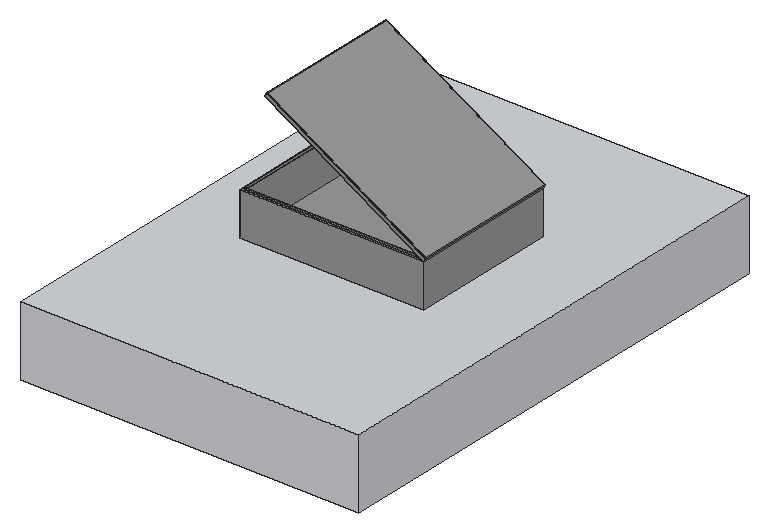
Revit family "Hager-Univers-IP54-D205-H650-Cl.II-Encl-CH-de", category Equipement électrique, Revit 2020
Family settings
  Hôte = Face
  Configuration du panneau = Deux colonnes, circuits au sein
  Cote de connecteur circulaire = Utiliser le diamètre
  Type d'élément = Tableau de raccordement
  Couper avec des vides une fois chargée = Non
  Partagée = Non
  Point de calcul de pièce = Non
Parameters (values of type "Aufputz IP54 B800 H650 T205  - FP43QSW")
  Width Control [instance] = if([EF000008 - Breite] > Min Width, [EF000008 - Breite], Min Width)  # 800 mm
  Commentaires du type = [HG000003 - Bereich]  # "Univers"
  Thickness Door [instance] = if([EF009171 - Materialstärke Tür/Deckel] > 3 mm, 3 mm, [EF009171 - Materialstärke Tür/Deckel])  # 1 mm
  Seal Frame Offset [instance] = 17 mm  # constant formula
  Plinth Visibility [instance] = [HG000027 - Sockelhöhe] > 0 mm  # no
  Model = ""
  Min Width [instance] = 100 mm  # constant formula
  Min Height [instance] = 100 mm  # constant formula
  Min Depth [instance] = (2 * [EF009170 - Materialstärke Gehäuse]) + 1 mm  # 3 mm
  Internal Frame Depth [instance] = (Door System Depth * 0.5)  # 9 mm
  Height Control [instance] = if([EF000040 - Höhe] > Min Height, [EF000040 - Höhe], Min Height)  # 650 mm
  HG000027 - Sockelhöhe = 0 mm
  HG000026 - Stehend auf dem Boden = no
  HG000024 - Höhe des unteren Teils = 800 mm
  HG000023 - Gehäuse mit doppeltem Querschnitt = no
  HG000016 - 3D-Türsichtbarkeit [instance] = yes
  HG000015 - Sichtbarkeit der Türöffnung [instance] = no
  HG000014 - Tür rechts [instance] = yes
  HG000013 - Tür links [instance] = not([HG000014 - Tür rechts])  # no
  HG000012 - Türschwenkwinkel [instance] = 30.00°
  HG000010 - Asymmetrische Türen = no
  HG000009 - Doppelflügeligen Tür = no
  HG000006 - Unterputz = no
  HG000004 - Herstellerreferenz = "FP43QSW"
  HG000003 - Bereich = "Univers"
  HG000002 - Mit tür = yes
  Frame Offset Bottom [instance] = 10 mm  # constant formula
  Frame Offset [instance] = 15 mm  # constant formula
  EF015940 - Deckel mit Überdruckentlastung = no
  EF011959 - Schutzart (NEMA) = ""
  EF009554 - Anzahl der Öffnungen für Flanschplatten = 6
  Fabricant = "Hager"  # constant formula
  EF009212 - Ausführung Deckel = "EV000116 - geschlossen"
  EF009171 - Materialstärke Tür/Deckel = 1 mm
  EF009170 - Materialstärke Gehäuse = 1 mm
  EF008873 - Nennstrom (In) = 250 A
  EF007800 - Geeignet für Blitzschutz = no
  EF006306 - Mit Schloss = no
  EF006244 - Transparenter Deckel/Tür = no
  EF005474 - Schutzart (IP) = "EV006419 - IP54"
  EF004464 - Art der Tür = "EV002646 - Einzel"
  EF004427 - Anzahl der Module = 144
  EF004293 - Schlagfestigkeit = "EV006815 - IK09"
  EF003532 - Geeignet für Außengebrauch = no
  EF002950 - Breite in Teilungseinheiten = 36
  EF001613 - Funktionserhalt = "EV000494 - ohne"
  EF001596 - Werkstoff des Gehäuses = "EV000179 - Stahl"
  EF001131 - Innentiefe = 130 mm
  EF001088 - Anbaumöglichkeit = yes
  EF000437 - Anzahl der Leitungseinführungen = 6
  EF000339 - Art der Abdeckung = "EV001012 - Deckel"
  EF000266 - Anzahl der Reihen = 4
  EF000218 - Einbautiefe = 0 mm
  EF000118 - Mit Montageplatte = no
  EF000116 - RAL-Nummer = "9010"
  EF000049 - Tiefe = 205 mm
  EF000040 - Höhe = 650 mm
  EF000008 - Breite = 800 mm
  EF000007 - Farbe = "EV000202 - weiß"
  EF000003 - Montageart = "EV000384 - Aufputz"
  Door System Leaf Tolerance [instance] = 1.5 mm  # constant formula
  Door System Depth [instance] = 18 mm  # constant formula
  Door Height [instance] = Height Control - [HG000027 - Sockelhöhe]  # 650 mm
  Depth Control [instance] = if([EF000049 - Tiefe] > Min Depth, [EF000049 - Tiefe], Min Depth)  # 205 mm
  Default Elevation = 0 mm
  Connector Offset [instance] = Height Control / 2  # 325 mm
  Bottom Top Plate Trim [instance] = 1.5 mm  # constant formula
  Plinth height Ctrl [instance] = if([HG000027 - Sockelhöhe] > 0 mm, [HG000027 - Sockelhöhe], 12 mm)  # 12 mm
Types (4, lengths in mm): name | Width Control | HG000004 - Herstellerreferenz | EF009554 - Anzahl der Öffnungen für Flanschplatten | EF004464 - Art der Tür | EF004427 - Anzahl der Module | EF002950 - Breite in Teilungseinheiten | EF001131 - Innentiefe | EF000437 - Anzahl der Leitungseinführungen | EF000008 - Breite
  Aufputz IP54 B1050 H650 T205  - FP44QSW | 1050 | "FP44QSW" | 8 | "EV003602 - Doppel" | 192 | 48 | 130 | 8 | 1050
  Aufputz IP54 B300 H650 T205  - FP41QSW | 300 | "FP41QSW" | 2 | "EV002646 - Einzel" | 48 | 12 | 143 | 2 | 300
  Aufputz IP54 B550 H650 T205  - FP42QSW | 550 | "FP42QSW" | 4 | "EV002646 - Einzel" | 96 | 24 | 143 | 4 | 550
  Aufputz IP54 B800 H650 T205  - FP43QSW | 800 | "FP43QSW" | 6 | "EV002646 - Einzel" | 144 | 36 | 130 | 6 | 800
Reference planes
  plane 1 "Center (Front/Back)": y = 0
  plane 2: z = 0
  plane 3 "Center (Left/Right)": x = 0
  plane 4: z = 205
  plane 5: y = 1
  plane 6: y = 325
  plane 7: y = 0
  plane 8: y = 650
  plane 9: z = 0
  plane 10: x = -385
  plane 11: x = 385
  plane 12: x = 384
  plane 13: x = -384
  plane 14: y = 649
  plane 15: x = -383
  plane 16: x = -400
  plane 17: x = 383
  plane 18: x = 400
  plane 19: x = 399
  plane 20: x = -399
  plane 21: y = 11
  plane 22: y = 650
  plane 23: y = 634
  plane 24: z = 187
  plane 25: z = 1
  plane 26: z = 186
  plane 27: z = 204
Forms (mm)
  Extrusion 1, solid
    sketch origin (0, 0, 0) x (1, 0, 0) y (0, 1, 0)
      loop
        line (-702.964, 1305) -> (-702.964, -811.445) -> (766.763, -811.445) -> (766.763, 1305) -> (-702.964, 1305)
    from 0 to -304.8
  Extrusion 2, solid, material "Hager_Steel_RAL7035_Light_Grey", visible <- "Plinth Visibility", detail levels medium+fine
    sketch origin (0, 0, 0) x (1, 0, 0) y (0, 1, 0)
      loop
        line (-400, 0) -> (400, 0) -> (400, 12) -> (-400, 12) -> (-400, 0)
    from 0 to 187
  Extrusion 3, solid, material "Hager_Steel_RAL7035_Light_Grey", detail levels medium+fine
    sketch origin (0, 0, 0) x (1, 0, 0) y (0, 1, 0)
      loop
        line (-400, 0) -> (400, 0) -> (400, 650) -> (-400, 650) -> (-400, 0)
    from 0 to 187
  Extrusion 4, void
    sketch origin (0, 0, 0) x (1, 0, 0) y (0, 1, 0)
      loop
        line (-399, 1) -> (399, 1) -> (399, 649) -> (-399, 649) -> (-399, 1)
    from 1 to 186
  Extrusion 5, void
    sketch origin (-381.607, -4572, 187) x (0, -1, 0) y (-1, 0, 0)
      loop
        line (-4583, 2.393) -> (-5206, 2.393) -> (-5206, -765.607) -> (-4583, -765.607) -> (-4583, 2.393)
    from 0 to 1 <- "EF009170 - Materialstärke Gehäuse"
  Extrusion 6, solid, material "Hager_Steel_RAL7035_Light_Grey", detail levels fine
    sketch origin (0, 0, 187) x (1, 0, 0) y (0, 1, 0)
      loop
        line (-384, 634) -> (-384, 11) -> (384, 11) -> (384, 634) -> (-384, 634)
      loop
        line (-385, 10) -> (385, 10) -> (385, 635) -> (-385, 635) -> (-385, 10)
    from 0 to 9 <- "Internal Frame Depth"
  Extrusion 7, solid, material "Hager_Steel_RAL7035_Light_Grey", detail levels coarse
    sketch origin (0, 0, 0) x (1, 0, 0) y (0, 1, 0)
      loop
        line (-400, 0) -> (400, 0) -> (400, 650) -> (-400, 650) -> (-400, 0)
    from 0 to 205
  Sweep 8, void
    path in 3D
      loop
        line (-400, 12, 0) -> (400, 12, 0) -> (400, 12, 187) -> (-400, 12, 187) -> (-400, 12, 0)
    profile origin (-400, 12, 93.5) x (-1, 0, 0) y (0, -1, 0)
      loop
        line (0, 0) -> (0, 1.5) -> (-1.5, 1.5)
        arc (-1.5, 1.5) -> (-1.061, 0.439) -> (0, 0) r 1.5
Cuts and joins
  Extrusion 4, Extrusion 5 cuts Extrusion 3
  Sweep 8 cuts Extrusion 2
Lines and regions (mm)
  Masking region 1
    outline origin (0, 0, 0) x (1, 0, 0) y (0, 0, 1)
      loop
        line (-400, 205) -> (-400, 0) -> (400, 0) -> (400, 205) -> (-400, 205)
  Masking region 2, detail levels medium+fine
    outline origin (0, 140, 0) x (0, 1, 0) y (0, 0, 1)
      loop
        line (-140, 0) -> (510, 0) -> (510, 187) -> (-140, 187) -> (-140, 0)
  Masking region 3, not visible, detail levels medium+fine
    outline origin (0, 297.922, 0) x (0, 1, 0) y (0, 0, 1)
      loop
        line (38.578, 0) -> (78.578, 0) -> (78.578, 194)
        arc (78.578, 194) -> (75.649, 201.071) -> (68.578, 204) r 10
        line (68.578, 204) -> (38.578, 204) -> (38.578, 0)
  Masking region 4, detail levels coarse
    outline origin (0, 0, 180) x (0, 1, 0) y (0, 0, 1)
      loop
        line (0, -180) -> (650, -180) -> (650, 25) -> (0, 25) -> (0, -180)
  Masking region 5, visible <- "Plinth Visibility", detail levels medium+fine
    outline origin (0, 52.24, 12.345) x (0, 0, -1) y (0, 1, 0)
      loop
        line (10.845, -40.24) -> (-173.155, -40.24)
        arc (-173.155, -40.24) -> (-173.594, -41.301) -> (-174.655, -41.74) r 1.5
        line (-174.655, -41.74) -> (-174.655, -52.24) -> (12.345, -52.24) -> (12.345, -41.74)
        arc (12.345, -41.74) -> (11.285, -41.301) -> (10.845, -40.24) r 1.5
  Masking region 6, detail levels medium+fine
    outline origin (-381.607, -4572, 187) x (-1, 0, 0) y (0, -1, 0)
      loop
        line (18.393, -5222) -> (18.393, -4572) -> (-781.607, -4572) -> (-781.607, -5222) -> (18.393, -5222)
  Masking region 7, visible <- "Plinth Visibility", detail levels medium+fine
    outline origin (-381.607, -4727, 187) x (-1, 0, 0) y (0, -1, 0)
      loop
        arc (16.893, -4739) -> (17.332, -4737.939) -> (18.393, -4737.5) r 1.5
        line (18.393, -4737.5) -> (18.393, -4727) -> (-781.607, -4727) -> (-781.607, -4737.5)
        arc (-781.607, -4737.5) -> (-780.546, -4737.939) -> (-780.107, -4739) r 1.5
        line (-780.107, -4739) -> (16.893, -4739)
  Masking region 8, detail levels coarse
    outline origin (-442.548, -4669.526, 187) x (-1, 0, 0) y (0, -1, 0)
      loop
        line (-42.548, -5319.526) -> (-42.548, -4669.526) -> (-842.548, -4669.526) -> (-842.548, -5319.526) -> (-42.548, -5319.526)
  sketch lines
    curve 1: line (-400, 12, 187) -> (-400, 12, 0)
    curve 2: line (400, 12, 187) -> (-400, 12, 187)
    curve 3: line (400, 12, 187) -> (400, 12, 0)
    curve 4: line (-400, 12, 0) -> (400, 12, 0)
Dimensions and locks
  "Depth Control": plane 4 to Extrusion 1
  "HG000027 - Sockelhöhe": plane 1 "Center (Front/Back)" to plane 7
  "EF009170 - Materialstärke Gehäuse": plane 5 to plane 7
  locked: connector elem to plane 3 "Center (Left/Right)"
  equal spacing: plane 8, plane 6, plane 7
  locked: connector elem to plane 6
  "EF009170 - Materialstärke Gehäuse": plane 8 to plane 14
  "EF009170 - Materialstärke Gehäuse": plane 10 to plane 13
  "EF009170 - Materialstärke Gehäuse": plane 12 to plane 11
  "Frame Offset": plane 20 to plane 13
  "Frame Offset": plane 12 to plane 19
  "EF009170 - Materialstärke Gehäuse": plane 16 to plane 20
  "EF009170 - Materialstärke Gehäuse": plane 19 to plane 18
  "Seal Frame Offset": plane 16 to plane 15
  "Seal Frame Offset": plane 17 to plane 18
  "Frame Offset Bottom": plane 21 to plane 5
  "Frame Offset": plane 14 to plane 23
  equal spacing: plane 16, plane 3 "Center (Left/Right)", plane 18
  "Width Control": plane 16 to plane 18
  "EF009170 - Materialstärke Gehäuse": plane 4 to plane 27
  "EF009170 - Materialstärke Gehäuse": plane 24 to plane 26
  "EF009170 - Materialstärke Gehäuse": plane 25 to level
  "Door System Depth": plane 4 to plane 24
  "Height Control": plane 1 "Center (Front/Back)" to Extrusion 7 sketch curve
  "Height Control": Masking region 4 sketch curve to plane 1 "Center (Front/Back)"
  "Height Control": plane 1 "Center (Front/Back)" to plane 22
  "Bottom Top Plate Trim": profile plane to Sweep 8 sketch curve
  "Bottom Top Plate Trim": Sweep 8 sketch curve to profile plane
  "Plinth height Ctrl": plane 1 "Center (Front/Back)" to Extrusion 2 sketch curve
  "Plinth height Ctrl": Masking region 5 sketch curve to plane 1 "Center (Front/Back)"
  "Plinth height Ctrl": plane 1 "Center (Front/Back)" to Masking region 7 sketch curve
  "Thickness Door": Extrusion 6 sketch curve to Extrusion 6 sketch curve  (x3)
  "Thickness Door": cut or joined group of Extrusion 3, Extrusion 4, Extrusion 5 to Extrusion 6 sketch curve
  radius of Masking region 3 sketch curve = 10 mm
  "Bottom Top Plate Trim": radius of Masking region 5 sketch curve  (x2)
  "Bottom Top Plate Trim": radius of Sweep 8 sketch curve
  "Bottom Top Plate Trim": radius of Masking region 7 sketch curve  (x2)
  aligned and locked: plane 2 to Extrusion 1
  aligned and locked: level to Extrusion 1
  aligned and locked: level to Masking region 1 sketch curve
  aligned and locked: Masking region 1 sketch curve to plane 18
  aligned and locked: Masking region 1 sketch curve to plane 16
  aligned and locked: plane 7 to Masking region 2 sketch curve
  aligned and locked: level to Masking region 3 sketch curve
  aligned and locked: Masking region 3 sketch curve to plane 27
  aligned and locked: level to Masking region 2 sketch curve
  aligned and locked: plane 1 "Center (Front/Back)" to Extrusion 2 sketch curve
  aligned and locked: Extrusion 3 sketch curve to plane 7
  aligned and locked: plane 16 to Extrusion 3 sketch curve
  aligned and locked: plane 18 to Extrusion 3 sketch curve
  aligned and locked: plane 20 to Extrusion 4 sketch curve
  aligned and locked: plane 19 to Extrusion 4 sketch curve
  aligned and locked: Extrusion 4 sketch curve to plane 5
  aligned and locked: Extrusion 4 to plane 25
  aligned and locked: plane 26 to Extrusion 4
  aligned and locked: plane 24 to Extrusion 3
  aligned and locked: Extrusion 5 sketch curve to plane 21
  aligned and locked: Extrusion 5 sketch curve to plane 13
  aligned and locked: Extrusion 5 sketch curve to plane 12
  aligned and locked: plane 18 to Extrusion 7 sketch curve
  aligned and locked: plane 1 "Center (Front/Back)" to Extrusion 7 sketch curve
  aligned and locked: plane 16 to Extrusion 7 sketch curve
  aligned and locked: plane 4 to Extrusion 7
  aligned and locked: Extrusion 7 to level
  aligned and locked: level to Masking region 4 sketch curve
  aligned and locked: Masking region 4 sketch curve to plane 1 "Center (Front/Back)"
  aligned and locked: Masking region 4 sketch curve to plane 4
  aligned and locked: nested 1 to level
  aligned and locked: nested 1 to plane 16
  aligned and locked: plane 8 to Extrusion 3 sketch curve
  aligned and locked: plane 23 to Extrusion 5 sketch curve
  aligned and locked: plane 14 to Extrusion 4 sketch curve
  aligned and locked: Masking region 2 sketch curve to plane 8
  aligned and locked: level to Masking region 5 sketch curve
  aligned and locked: plane 16 to Extrusion 2 sketch curve
  aligned and locked: plane 18 to Extrusion 2 sketch curve
  aligned and locked: Masking region 5 sketch curve to plane 24
  aligned and locked: Masking region 2 sketch curve to plane 24
  aligned and locked: plane 24 to Extrusion 2
  aligned and locked: profile plane to Sweep 8 sketch curve  (x2)
  aligned and locked: Masking region 6 sketch curve to plane 18
  aligned and locked: Masking region 6 sketch curve to plane 22
  aligned and locked: Masking region 6 sketch curve to plane 16
  aligned and locked: plane 8 to plane 22
  aligned and locked: Masking region 6 sketch curve to plane 7
  aligned and locked: Masking region 7 sketch curve to plane 16
  aligned and locked: Masking region 7 sketch curve to plane 1 "Center (Front/Back)"
  aligned and locked: Masking region 7 sketch curve to plane 18
  aligned and locked: Masking region 8 sketch curve to plane 1 "Center (Front/Back)"
  aligned and locked: Masking region 8 sketch curve to plane 18
  aligned and locked: Masking region 8 sketch curve to plane 22
  aligned and locked: Masking region 8 sketch curve to plane 16
  aligned and locked: nested 2 to plane 7
  aligned and locked: plane 3 "Center (Left/Right)" to nested 2
  aligned and locked: nested 2 to plane 24
  aligned and locked: Extrusion 6 sketch curve to cut or joined group of Extrusion 3, Extrusion 4, Extrusion 5  (x4)
Automatic sketch dimensions
  Extrusion 1 sketch curve to Extrusion 1 sketch curve = 1469.727 mm
  Extrusion 1 sketch curve to Extrusion 1 sketch curve = 2116.445 mm
  Masking region 1 sketch curve to plane 4 = 0 mm
  plane 6 to Masking region 3 sketch curve = 11.5 mm
  Masking region 3 sketch curve to Masking region 3 sketch curve = 30 mm
  Masking region 5 sketch curve to plane 1 "Center (Front/Back)" = 0 mm
Nested families
  nested 1: "Hager_Enclosure_Symbol" at (-400, 0, 0) x (1, 0, 0) z (0, -1, 0), Height <- "Depth Control", Width <- "Width Control", type "Hager_Enclosure_Symbol"
    with Width_Ctrl 800 mm, Width 800 mm, Height_Ctrl 205 mm, Height 205 mm, A_Width_Int 13.453 mm, A_Width 161.438 mm, A_Height_Ctrl 179.375 mm, A_Height 179.375 mm
  nested 2: "EC000058_Univers_Door" at (0, 0, 187) x (1, 0, 0) z (0, 1, 0), Leaf_Tolerance <- "Door System Leaf Tolerance", Angle <- "HG000012 - Türschwenkwinkel", Door_Depth <- "Door System Depth", Door_Left <- "HG000013 - Tür links", Transparent <- "EF006244 - Transparenter Deckel/Tür", Assymetrical <- "HG000010 - Asymmetrische Türen", Width <- "Width Control", Clearance <- "HG000015 - Sichtbarkeit der Türöffnung", Double <- "HG000009 - Doppelflügeligen Tür", 3d_Door <- "HG000016 - 3D-Türsichtbarkeit", Lock_Visibility <- "EF006306 - Mit Schloss", Width_Ctrl <- "Width Control", Door_Right <- "HG000014 - Tür rechts", Door <- "HG000002 - Mit tür", Height <- "Door Height", Thickness <- "Thickness Door", type "EC000058_Univers_Door", detail levels medium+fine
    with min_wh 3 mm, Width_Ctrl 800 mm, Width 800 mm, Transparent no, Thickness 1 mm, Seal_Material Hager_Rubber, Lock_Visibility no, Lock_Material Hager_Plastic_RAL9005_Jet_Black, Leaf_Width 800 mm, Leaf_Tolerance_External_Sides 0 mm, Leaf_Tolerance 1.5 mm, Leaf_Offset 0 mm, Leaf_Height 647 mm, Leaf_2_Width 800 mm, Leaf_2_Offset 400 mm, Leaf_1_Width 800 mm, Leaf_1_Offset 400 mm, Height_Ctrl 650 mm, Height 650 mm, Glass_Material Hager_Glass, Double_Clearance_Ctrl no, Double no, Door_Right_Ctrl yes, Door_Right yes, Door_Material Hager_Steel_RAL7035_Light_Grey, Door_Left_Ctrl no, Door_Left no, Door_Depth 18 mm, Door yes, Clearance_Material Hager_Clearance, Clearance_Depth 800 mm, Clearance_Ctrl no, Clearance no, Assymetrical no, Angle 30.00°, 3d_Door yes
Connectors
  electrical at (0, 325, 0)
    settings: on plane 9, index 1, voltage 0 V, apparent load 0 VA, apparent load phase1 0 VA, apparent load phase2 0 VA, apparent load phase3 0 VA, power factor 1, load classification "Other", number of poles 1, system type 30, power factor state 1, is connector primary yes, connector utility no, sub classification motor no, connector description ""
Definition of nested family "EC000058_Univers_Door"
  Parameters (values of type "EC000058_Univers_Door")
    min_wh [instance] = (2 * Thickness) + 1 mm  # 11 mm
    Width_Ctrl [instance] = 400 mm
    Width [instance] = 500 mm
    Transparent [instance] = yes
    Thickness [instance] = 5 mm
    Seal_Material [instance] = none
    Lock_Visibility [instance] = yes
    Lock_Material [instance] = none
    Leaf_Width [instance] = if((Width_Ctrl - 2 * Leaf_Tolerance_External_Sides) > 0 mm, (Width_Ctrl - 2 * Leaf_Tolerance_External_Sides), min_wh)  # 400 mm
    Leaf_Tolerance_External_Sides [instance] = 0 mm  # constant formula
    Leaf_Tolerance [instance] = 1.5 mm
    Leaf_Offset [instance] = 0 mm  # constant formula
    Leaf_Height [instance] = if((Height_Ctrl - 2 * Leaf_Tolerance) > 0 mm, (Height_Ctrl - 2 * Leaf_Tolerance), min_wh)  # 497 mm
    Leaf_2_Width [instance] = if(and(and(Double, Assymetrical), Door_Left), (Leaf_Width / 3) - (Leaf_Tolerance / 2), if(and(and(Double, Assymetrical), Door_Right), (Leaf_Width / 3) * 2 - (Leaf_Tolerance / 2), if(and(Double, not(Assymetrical)), (Leaf_Width / 2) - Leaf_Tolerance, Leaf_Width)))  # 400 mm
    Leaf_2_Offset [instance] = if(and(Double, Assymetrical), Leaf_2_Width / 2, if(and(Double, not(Assymetrical)), Leaf_Width / 4, Leaf_Width / 2))  # 200 mm
    Leaf_1_Width [instance] = if(and(and(Double, Assymetrical), Door_Right), (Leaf_Width / 3) - (Leaf_Tolerance / 2), if(and(and(Double, Assymetrical), Door_Left), (Width / 3) * 2 - (Leaf_Tolerance / 2), if(and(Double, not(Assymetrical)), (Leaf_Width / 2) - Leaf_Tolerance, Leaf_Width)))  # 400 mm
    Leaf_1_Offset [instance] = if(and(Double, Assymetrical), Leaf_1_Width / 2, if(and(Double, not(Assymetrical)), Leaf_Width / 4, Leaf_Width / 2))  # 200 mm
    Height_Ctrl [instance] = if(Height > min_wh, Height, min_wh)  # 500 mm
    Height [instance] = 500 mm
    Glass_Material [instance] = none
    Double_Clearance_Ctrl [instance] = and(Double, Clearance)  # no
    Double [instance] = no
    Door_Right_Ctrl [instance] = and(or(Door_Right, Double), Door)  # yes
    Door_Right [instance] = yes
    Door_Material [instance] = none
    Door_Left_Ctrl [instance] = and(or(Door_Left, Double), Door)  # no
    Door_Left [instance] = no
    Door_Depth [instance] = 30 mm
    Door [instance] = yes
    Default Elevation = 1219.2 mm
    Clearance_Material [instance] = none
    Clearance_Depth [instance] = if(Leaf_1_Width > Leaf_2_Width, Leaf_1_Width, Leaf_2_Width)  # 400 mm
    Clearance_Ctrl [instance] = and(not(Double), Clearance)  # yes
    Clearance [instance] = yes
    Assymetrical [instance] = yes
    Angle [instance] = 30.00°
    3d_Door [instance] = yes
  Reference planes
    plane 1 "Center (Front/Back)": y = 0
    plane 2 "Bottom": z = 0
    plane 3 "Center (Left/Right)": x = 0
    plane 4: z = 500
    plane 5: x = -200
    plane 6: x = 200
    plane 7: z = 500
    plane 8: x = -200
    plane 9: z = 0
    plane 10: x = 200
    plane 11: y = 0
    plane 12: z = 1.5
    plane 13: x = -600
    plane 14: y = -400
    plane 15: x = 600
    plane 16: x = 0
    plane 17: x = 0
    plane 18: x = -200
    plane 19: x = 200
    plane 20: z = 498.5
  Forms (mm)
    Extrusion 1, solid, material <- "Clearance_Material", visible <- "Double_Clearance_Ctrl"
      sketch origin (1200, 0, 0) x (1, 0, 0) y (0, 0, -1)
        loop
          line (-1800, -498.5) -> (-600, -498.5) -> (-600, 0) -> (-1800, 0) -> (-1800, -498.5)
      from 0 to -400
  Dimensions and locks
    equal spacing: plane 5, plane 3 "Center (Left/Right)", plane 6
    "Width_Ctrl": plane 5 to plane 6
    "Leaf_Offset": plane 5 to plane 8
    "Leaf_Offset": plane 6 to plane 10
    "Leaf_Offset": plane 9 to level
    "Leaf_Offset": plane 4 to plane 7
    "Height_Ctrl": plane 4 to level
    "Leaf_Tolerance": plane 12 to plane 9
    locked: plane 11 to plane 1 "Center (Front/Back)"
    "Leaf_1_Offset": plane 18 to plane 16
    "Leaf_2_Offset": plane 17 to plane 19
    "Leaf_1_Width": plane 13 to plane 8
    "Leaf_2_Width": plane 10 to plane 15
    "Clearance_Depth": plane 14 to plane 1 "Center (Front/Back)"
    "Leaf_Tolerance_External_Sides": plane 8 to plane 18
    "Leaf_Tolerance_External_Sides": plane 19 to plane 10
    "Leaf_Tolerance": plane 7 to plane 20
    aligned and locked: level to plane 2 "Bottom"
    aligned and locked: nested 1 to plane 16
    aligned and locked: nested 2 to plane 17
    aligned and locked: Extrusion 1 to plane 13
    aligned and locked: plane 15 to Extrusion 1
    aligned and locked: Extrusion 1 to plane 14
    aligned and locked: plane 12 to nested 1
    aligned and locked: nested 2 to plane 12
    aligned and locked: Extrusion 1 to plane 11
    aligned and locked: plane 20 to Extrusion 1
    aligned and locked: nested 2 to plane 11
    aligned and locked: nested 1 to plane 11
  Automatic sketch dimensions
    Extrusion 1 sketch curve to level = 0 mm
    plane 5 to Extrusion 1 sketch curve = 400 mm
    plane 6 to Extrusion 1 sketch curve = 400 mm
    Extrusion 1 sketch curve to plane 4 = 1.5 mm
  Nested families
    nested 1: "EC000058_Univers_Door_Leaf" at (0, 0, 1.5), Width <- "Leaf_1_Width", visible <- "Door_Left_Ctrl", Leaf_Height <- "Leaf_Height", Angle <- "Angle", 3d_Door <- "3d_Door", Transparent <- "Transparent", Clearance Material <- "Clearance_Material", Clearance <- "Clearance_Ctrl", Door_Material <- "Door_Material", Glass_Material <- "Glass_Material", Door_Depth <- "Door_Depth", Lock_Material <- "Lock_Material", Seal_Material <- "Seal_Material", Lock_Visibility <- "Lock_Visibility", Thickness <- "Thickness", type "EC000058_Univers_Door_Leaf"
      with Width 400 mm, Transparent_Glass_Offset 30 mm, Transparent_Ctrl yes, Transparent yes, Thickness 5 mm, Standard no, Seal_Material none, Seal_D2 8 mm, Seal_D1 1 mm, Offset_Internal_Frame 10 mm, Lock_Width 20 mm, Lock_Visibility_3d yes, Lock_Visibility yes, Lock_Thickness_3 3 mm, Lock_Thickness_2 1 mm, Lock_Thickness_1 3 mm, Lock_Radius_Offset_2 16 mm, Lock_Radius_Offset_1 15 mm, Lock_Radius_2 5 mm, Lock_Radius 6 mm, Lock_Offset 5 mm, Lock_Material none, Lock_Height 80 mm, Lock_Cover_Top_Offset_2d 17 mm, Lock_Cover_Height -65 mm, Leaf_Height 497 mm, Internal_Seal_Thickness 8 mm, Internal_Seal_Depth_2 4.5 mm, Internal_Frame_Depth 25 mm, Glass_Thickness -1 mm, Glass_Offset -2 mm, Glass_Material none, Door_Material none, Door_Depth 30 mm, Clearance Material none, Clearance yes, Angle_Ctrl 30.00°, Angle 30.00°, 3d_Door yes
    nested 2: "EC000058_Univers_Door_Leaf" at (0, 0, 1.5) x (-1, 0, 0) z (0, 0, 1), Width <- "Leaf_2_Width", visible <- "Door_Right_Ctrl", Leaf_Height <- "Leaf_Height", Angle <- "Angle", 3d_Door <- "3d_Door", Transparent <- "Transparent", Clearance Material <- "Clearance_Material", Clearance <- "Clearance_Ctrl", Door_Material <- "Door_Material", Glass_Material <- "Glass_Material", Door_Depth <- "Door_Depth", Lock_Material <- "Lock_Material", Seal_Material <- "Seal_Material", Lock_Visibility <- "Lock_Visibility", Thickness <- "Thickness", type "EC000058_Univers_Door_Leaf"
      with Width 400 mm, Transparent_Glass_Offset 30 mm, Transparent_Ctrl yes, Transparent yes, Thickness 5 mm, Standard no, Seal_Material none, Seal_D2 8 mm, Seal_D1 1 mm, Offset_Internal_Frame 10 mm, Lock_Width 20 mm, Lock_Visibility_3d yes, Lock_Visibility yes, Lock_Thickness_3 3 mm, Lock_Thickness_2 1 mm, Lock_Thickness_1 3 mm, Lock_Radius_Offset_2 16 mm, Lock_Radius_Offset_1 15 mm, Lock_Radius_2 5 mm, Lock_Radius 6 mm, Lock_Offset 5 mm, Lock_Material none, Lock_Height 80 mm, Lock_Cover_Top_Offset_2d 17 mm, Lock_Cover_Height -65 mm, Leaf_Height 497 mm, Internal_Seal_Thickness 8 mm, Internal_Seal_Depth_2 4.5 mm, Internal_Frame_Depth 25 mm, Glass_Thickness -1 mm, Glass_Offset -2 mm, Glass_Material none, Door_Material none, Door_Depth 30 mm, Clearance Material none, Clearance yes, Angle_Ctrl 30.00°, Angle 30.00°, 3d_Door yes
  Definition of nested family "EC000058_Univers_Door_Leaf"
    Parameters (values of type "EC000058_Univers_Door_Leaf")
      Width [instance] = 2000 mm
      Transparent_Glass_Offset [instance] = 30 mm
      Transparent_Ctrl [instance] = and(Transparent, [3d_Door])  # yes
      Transparent [instance] = yes
      Thickness [instance] = 5 mm
      Standard [instance] = and(not(Transparent), [3d_Door])  # no
      Seal_Material [instance] = none
      Seal_D2 [instance] = 8 mm  # constant formula
      Seal_D1 [instance] = 1 mm  # constant formula
      Offset_Internal_Frame [instance] = 10 mm  # constant formula
      Lock_Width [instance] = 20 mm  # constant formula
      Lock_Visibility_3d [instance] = and(Lock_Visibility, [3d_Door])  # yes
      Lock_Visibility [instance] = yes
      Lock_Thickness_3 [instance] = 3 mm  # constant formula
      Lock_Thickness_2 [instance] = 1 mm  # constant formula
      Lock_Thickness_1 [instance] = 3 mm  # constant formula
      Lock_Radius_Offset_2 [instance] = Lock_Radius_Offset_1 + 1 mm  # 16 mm
      Lock_Radius_Offset_1 [instance] = 15 mm  # constant formula
      Lock_Radius_2 [instance] = Lock_Radius - 1 mm  # 5 mm
      Lock_Radius [instance] = 6 mm  # constant formula
      Lock_Offset [instance] = 5 mm  # constant formula
      Lock_Material [instance] = none
      Lock_Height [instance] = 80 mm  # constant formula
      Lock_Cover_Top_Offset_2d [instance] = Lock_Radius_Offset_2 + 1 mm  # 17 mm
      Lock_Cover_Height [instance] = -(Lock_Height - Lock_Radius_Offset_1)  # -65 mm
      Leaf_Height [instance] = 2720.336 mm
      Internal_Seal_Thickness [instance] = 8 mm  # constant formula
      Internal_Seal_Depth_2 [instance] = 4.5 mm  # constant formula
      Internal_Frame_Depth [instance] = if(Door_Depth - Thickness > 5 mm, Door_Depth - Thickness, 5 mm)  # 25 mm
      Glass_Thickness [instance] = if(Thickness > 15 mm, Glass_Offset + 10 mm, -1 mm)  # -1 mm
      Glass_Offset [instance] = if(Thickness > 15 mm, -(Thickness + 10 mm) / 2, -2 mm)  # -2 mm
      Glass_Material [instance] = none
      Door_Material [instance] = none
      Door_Depth [instance] = 30 mm
      Default Elevation = 0 mm
      Clearance Material [instance] = none
      Clearance [instance] = yes
      Angle_Ctrl [instance] = if(Angle > 180.00°, 180.00°, Angle)  # 90.00°
      Angle [instance] = 90.00°
      3d_Door [instance] = yes
    Reference planes
      plane 1 "Center (Front/Back)": y = 0
      plane 2: z = 0
      plane 3 "Center (Left/Right)": x = 0
      plane 4: y = 2000
      plane 5: x = -1000
      plane 6: x = 1000
      plane 7: x = -3000
      plane 8: z = 2720.336
      plane 9: z = 30
      plane 10: z = 2690.336
      plane 11: x = 970
      plane 12: x = -970
      plane 13: y = -3
      plane 14: z = 107.833
      plane 15: y = -5
      plane 16: y = -223.314
      plane 17: x = -1000
      plane 18: z = 1360.168
      plane 19: y = 30
    Forms (mm)
      Extrusion 1, solid, material <- "Clearance Material", visible <- "Clearance"
        sketch origin (0, 0, 0) x (1, 0, 0) y (0, 0, 1)
          loop
            line (-3000, 2720.336) -> (-3000, 0) -> (1000, 0) -> (1000, 2720.336) -> (-3000, 2720.336)
        from 0 to -2000
      Extrusion 2, solid, material <- "Door_Material", visible <- "Standard", detail levels medium+fine
        sketch origin (-1000, 0, 0) x (0, 1, 0) y (-1, 0, 0)
          loop
            line (0, 30) -> (0, 25) -> (2000, 25) -> (2000, 30) -> (0, 30)
        from 0 to 2720.336 <- "Leaf_Height"
      Extrusion 3, solid, material <- "Door_Material", visible <- "Transparent_Ctrl", detail levels medium+fine
        sketch origin (-1000, 0, 0) x (0, 1, 0) y (-1, 0, 0)
          loop
            line (0, 25) -> (2000, 25) -> (2000, 30) -> (0, 30) -> (0, 25)
        from 0 to 2720.336 <- "Leaf_Height"
      Extrusion 4, void
        sketch origin (-1025, 2000, 0) x (0, 1, 0) y (0, 0, -1)
          loop
            line (-30, -2690.336) -> (-30, -30) -> (-1970, -30) -> (-1970, -2690.336) -> (-30, -2690.336)
        from 0 to 5 <- "Thickness"
      Sweep 5, solid, material <- "Seal_Material", visible <- "Transparent_Ctrl", detail levels fine
        path in 3D
          loop
            line (-1025, 30, 30) -> (-1025, 30, 2690.336) -> (-1025, 1970, 2690.336) -> (-1025, 1970, 30) -> (-1025, 30, 30)
        profile origin (-1025, 1000, 30) x (1, 0, 0) y (0, 0, 1)
          loop
            line (0, 0) -> (0, -8) -> (1, -8) -> (1, 0) -> (0, 0)
      Extrusion 6, solid, material <- "Glass_Material", visible <- "Transparent_Ctrl", detail levels medium+fine
        sketch origin (-1030, 0, 0) x (0, 1, 0) y (0, 0, -1)
          loop
            line (1970, -2690.336) -> (1970, -30) -> (30, -30) -> (30, -2690.336) -> (1970, -2690.336)
        from -2 <- "Glass_Offset" to -1 <- "Glass_Thickness"
      Extrusion 7, solid, material <- "Door_Material", visible <- "3d_Door", detail levels medium+fine
        sketch origin (-1025, 2000, 0) x (0, -1, 0) y (0, 0, -1)
          loop
            line (0, -2720.336) -> (2000, -2720.336) -> (2000, 0) -> (0, 0) -> (0, -2720.336)
          loop
            line (1995, -5) -> (5, -5) -> (5, -2715.336) -> (1995, -2715.336) -> (1995, -5)
        from 0 to 25 <- "Internal_Frame_Depth"
      Sweep 8, solid, material <- "Seal_Material", visible <- "Transparent_Ctrl", detail levels fine
        path in 3D
          loop
            line (-1025, 0, 0) -> (-1025, 2000, 0) -> (-1025, 2000, 2720.336) -> (-1025, 0, 2720.336) -> (-1025, 0, 0)
        profile origin (-1025, 0, 1360.168) x (1, 0, 0) y (0, 1, 0)
          loop
            line (0, 10) -> (2.975, 10)
            arc (2.975, 10) -> (4.053, 10.447) -> (4.5, 11.525) r 1.525
            line (4.5, 11.525) -> (4.5, 16.527)
            arc (4.5, 16.527) -> (4.069, 17.569) -> (3.027, 18) r 1.473
            line (3.027, 18) -> (0, 18) -> (0, 10)
      Extrusion 9, solid, material <- "Lock_Material", visible <- "Lock_Visibility_3d", detail levels fine
        sketch origin (-1030, 0, 0) x (0, 1, 0) y (0, 0, -1)
          loop
            arc (1993.5, -1400.168) -> (1994.561, -1399.729) -> (1995, -1398.668) r 1.5
            line (1995, -1398.668) -> (1995, -1320.168) -> (1975, -1320.168) -> (1975, -1398.668)
            arc (1975, -1398.668) -> (1975.439, -1399.729) -> (1976.5, -1400.168) r 1.5
            line (1976.5, -1400.168) -> (1993.5, -1400.168)
        from 3 <- "Lock_Thickness_1" to 0
      Blend 10, solid, material <- "Lock_Material", visible <- "Lock_Visibility_3d", detail levels fine
        base sketch origin (-1033, 0, 0) x (0, 1, 0) y (0, 0, -1)
          loop
            line (1975, -1320.168) -> (1975, -1398.668)
            arc (1975, -1398.668) -> (1975.439, -1399.729) -> (1976.5, -1400.168) r 1.5
            line (1976.5, -1400.168) -> (1993.5, -1400.168)
            arc (1993.5, -1400.168) -> (1994.561, -1399.729) -> (1995, -1398.668) r 1.5
            line (1995, -1398.668) -> (1995, -1320.168) -> (1975, -1320.168)
        top sketch origin (-1033, 0, 0) x (0, 1, 0) y (0, 0, -1)
          loop
            line (1976, -1320.168) -> (1976, -1398.668)
            arc (1976, -1398.668) -> (1976.146, -1399.022) -> (1976.5, -1399.168) r 0.5
            line (1976.5, -1399.168) -> (1993.5, -1399.168)
            arc (1993.5, -1399.168) -> (1993.854, -1399.022) -> (1994, -1398.668) r 0.5
            line (1994, -1398.668) -> (1994, -1320.168) -> (1976, -1320.168)
        from 0 to 1 <- "Lock_Thickness_2"
      Blend 11, solid, material <- "Lock_Material", visible <- "Lock_Visibility_3d", detail levels fine
        base sketch origin (-1034, 0, 0) x (0, 1, 0) y (0, 0, -1)
          loop
            line (1978, -1320.168) -> (1978, -1384.168)
            arc (1978, -1384.168) -> (1985, -1391.168) -> (1992, -1384.168) r 7
            line (1992, -1384.168) -> (1992, -1320.168) -> (1978, -1320.168)
        top sketch origin (-1034, 0, 0) x (0, 1, 0) y (0, 0, -1)
          loop
            line (1991, -1320.168) -> (1979, -1320.168) -> (1979, -1383.168)
            arc (1979, -1383.168) -> (1985, -1389.168) -> (1991, -1383.168) r 6
            line (1991, -1383.168) -> (1991, -1320.168)
        from 0 to 3 <- "Lock_Thickness_3"
      Extrusion 12, solid, material <- "Lock_Material", visible <- "Lock_Visibility_3d", detail levels fine
        sketch origin (-1030, 1975, 1320.168) x (1, 0, 0) y (0, -1, 0)
          loop
            line (-7, -19) -> (-7, -1) -> (0, -1) -> (0, 0) -> (-8, 0) -> (-8, -20) -> (0, -20) -> (0, -19) -> (-7, -19)
        from 0 to -65 <- "Lock_Cover_Height"
      Extrusion 13, void
        sketch origin (-1038, 1995, 1320.168) x (-1, 0, 0) y (0, 0, -1)
          loop
            line (-5, -65) -> (0, -65) -> (-5, -60) -> (-5, -65)
        from 0 to 20 <- "Lock_Width"
      Extrusion 14, void
        sketch origin (-1038, 1975, 1320.168) x (0, -1, 0) y (0, 0, -1)
          loop
            circle (-10, -15.995) r 6
          loop
            circle (-10, -15.995) r 5
        from 0 to 2
      Extrusion 15, solid, material <- "Lock_Material", visible <- "Lock_Visibility_3d", detail levels medium
        sketch origin (-1030, 0, 0) x (0, 1, 0) y (0, 0, -1)
          loop
            arc (1993.5, -1400.168) -> (1994.561, -1399.729) -> (1995, -1398.668) r 1.5
            line (1995, -1398.668) -> (1995, -1320.168) -> (1975, -1320.168) -> (1975, -1398.668)
            arc (1975, -1398.668) -> (1975.439, -1399.729) -> (1976.5, -1400.168) r 1.5
            line (1976.5, -1400.168) -> (1993.5, -1400.168)
        from 8 to 0
    Cuts and joins
      Extrusion 4 cuts Extrusion 3
      Extrusion 13, Extrusion 14 cuts Extrusion 9
      Extrusion 14 cuts Blend 11
      Extrusion 13, Extrusion 14 cuts Extrusion 12
      joined: Extrusion 9, Blend 10, Blend 11, Extrusion 12
      Extrusion 14 cuts Extrusion 15
    Lines and regions (mm)
      Masking region 1, visible <- "Lock_Visibility", detail levels fine
        outline origin (0, 0, 0) x (0, 1, 0) y (0, 0, 1)
          loop
            line (30, 1320.168) -> (33, 1320.168) -> (33, 1400.168) -> (30, 1400.168) -> (30, 1320.168)
      Masking region 2, visible <- "Lock_Visibility", detail levels fine
        outline origin (0, 3.143, 0) x (0, 1, 0) y (0, 0, 1)
          loop
            line (29.857, 1354.168) -> (30.857, 1354.168) -> (30.857, 1366.168) -> (29.857, 1366.168) -> (29.857, 1354.168)
      Masking region 3, detail levels medium+fine
        outline origin (0, 0, 0) x (0, 1, 0) y (0, 0, 1)
          loop
            line (0, 0) -> (30, 0) -> (30, 2720.336) -> (0, 2720.336) -> (0, 0)
      Masking region 4, detail levels medium+fine
        outline origin (0, 0, 0) x (1, 0, 0) y (0, 0, 1)
          loop
            line (-1000, 2720.336) -> (-1000, 0) -> (1000, 0) -> (1000, 2720.336) -> (-1000, 2720.336)
      Masking region 5, visible <- "Lock_Visibility", detail levels fine
        outline origin (-47.116, 0, 0) x (1, 0, 0) y (0, 0, 1)
          loop
            arc (1024.616, 1399.168) -> (1023.556, 1398.729) -> (1023.116, 1397.668) r 1.5
            line (1023.116, 1397.668) -> (1023.116, 1320.168) -> (1041.116, 1320.168) -> (1041.116, 1397.668)
            arc (1041.116, 1397.668) -> (1040.677, 1398.729) -> (1039.616, 1399.168) r 1.5
            line (1039.616, 1399.168) -> (1024.616, 1399.168)
      Masking region 6, visible <- "Lock_Visibility", detail levels medium+fine
        outline origin (-25, 0, 0) x (1, 0, 0) y (0, 0, 1)
          loop
            arc (1001.5, 1400.168) -> (1000.439, 1399.729) -> (1000, 1398.668) r 1.5
            line (1000, 1398.668) -> (1000, 1320.168) -> (1020, 1320.168) -> (1020, 1398.668)
            arc (1020, 1398.668) -> (1019.561, 1399.729) -> (1018.5, 1400.168) r 1.5
            line (1018.5, 1400.168) -> (1001.5, 1400.168)
      Masking region 7, visible <- "Lock_Visibility", detail levels fine
        outline origin (-73.735, 0, 0) x (1, 0, 0) y (0, 0, 1)
          loop
            line (1051.735, 1382.168) -> (1065.735, 1382.168) -> (1065.735, 1384.168)
            arc (1065.735, 1384.168) -> (1058.735, 1391.168) -> (1051.735, 1384.168) r 7
            line (1051.735, 1384.168) -> (1051.735, 1382.168)
      Masking region 8, visible <- "Lock_Visibility", detail levels fine
        outline origin (-73.735, 0, 0) x (1, 0, 0) y (0, 0, 1)
          loop
            line (1052.735, 1382.168) -> (1064.735, 1382.168) -> (1064.735, 1383.168)
            arc (1064.735, 1383.168) -> (1058.735, 1389.168) -> (1052.735, 1383.168) r 6
            line (1052.735, 1383.168) -> (1052.735, 1382.168)
      Masking region 9, visible <- "Lock_Visibility", detail levels fine
        outline origin (-25, 0, 0) x (1, 0, 0) y (0, 0, 1)
          loop
            line (1020, 1320.168) -> (1020, 1382.168) -> (1000, 1382.168) -> (1000, 1320.168) -> (1020, 1320.168)
      Masking region 10, detail levels medium+fine
        outline origin (0, 0, 0) x (1, 0, 0) y (0, 0, 1)
          loop
            circle (985, 1335.144) r 6
      Masking region 11, detail levels fine
        outline origin (0, 0, 0) x (1, 0, 0) y (0, 0, 1)
          loop
            circle (985, 1335.144) r 5
      Masking region 12, visible <- "Lock_Visibility", detail levels fine
        outline origin (0, 12.767, 0) x (0, 1, 0) y (0, 0, 1)
          loop
            line (20.233, 1320.168) -> (21.233, 1320.168) -> (21.233, 1399.168) -> (20.233, 1400.168) -> (20.233, 1320.168)
      Masking region 13, visible <- "Lock_Visibility", detail levels fine
        outline origin (0, 13.767, -10) x (0, 1, 0) y (0, 0, 1)
          loop
            line (20.233, 1330.168) -> (23.233, 1330.168) -> (23.233, 1399.168) -> (20.233, 1402.168) -> (20.233, 1330.168)
      Masking region 14, visible <- "Lock_Visibility", detail levels fine
        outline origin (0, 12.767, -10) x (0, 1, 0) y (0, 0, 1)
          loop
            line (20.233, 1330.168) -> (25.233, 1330.168) -> (25.233, 1399.305) -> (20.233, 1394.305) -> (20.233, 1330.168)
      Masking region 15, visible <- "Lock_Visibility", detail levels medium
        outline origin (0, 0, 0) x (0, 1, 0) y (0, 0, 1)
          loop
            line (30, 1320.168) -> (38, 1320.168) -> (38, 1400.168) -> (30, 1400.168) -> (30, 1320.168)
      Masking region 16, visible <- "Lock_Visibility", detail levels fine
        outline origin (-1000, 0, 0) x (0, 1, 0) y (-1, 0, 0)
          loop
            line (1975, 30) -> (1995, 30) -> (1995, 38) -> (1975, 38) -> (1975, 30)
          loop
            line (1979, 37) -> (1976, 37) -> (1976, 34) -> (1978, 34) -> (1979, 37)
          loop
            line (1994, 37) -> (1991, 37) -> (1992, 34) -> (1994, 34) -> (1994, 37)
      Masking region 17, visible <- "Lock_Visibility", detail levels medium
        outline origin (-1000, 0, 0) x (0, 1, 0) y (-1, 0, 0)
          loop
            line (1975, 30) -> (1995, 30) -> (1995, 38) -> (1975, 38) -> (1975, 30)
      symbolic lines
        curve 1: line (1000, 0, 0) -> (-3000, 0, 0)
        curve 2: arc (1000, 0, 0) -> (-1000, 2000, 0) -> (-3000, 0, 0) r 2000
        curve 4: line (-1030, 0, 0) -> (-1030, 2000, 0)
      reference lines
        curve 3: line (-1000, 0, 0) -> (-1000, 2000, 0)
      symbolic lines, detail levels medium+fine
        curve 5: line (-1030, 2000, 0) -> (-1025, 2000, 0)
        curve 7: line (-1025, 0, 0) -> (-1030, 0, 0)
        curve 8: line (-1025, 0, 0) -> (-1000, 0, 0)
        curve 9: line (-1000, 0, 0) -> (-1000, 2000, 0)
        curve 10: line (-1000, 2000, 0) -> (-1025, 2000, 0)
      symbolic lines, detail levels fine
        curve 6: line (-1025, 2000, 0) -> (-1025, 0, 0)
      sketch lines
        curve 11: line (-1025, 0, 2720.336) -> (-1025, 0, 0)
        curve 12: line (-1025, 2000, 0) -> (-1025, 0, 0)
        curve 13: line (-1025, 2000, 2720.336) -> (-1025, 2000, 0)
        curve 14: line (-1025, 0, 2720.336) -> (-1025, 2000, 2720.336)
        curve 15: line (-1025, 1970, 30) -> (-1025, 30, 30)
        curve 16: line (-1025, 30, 30) -> (-1025, 30, 2690.336)
        curve 17: line (-1025, 1970, 2690.336) -> (-1025, 1970, 30)
        curve 18: line (-1025, 30, 2690.336) -> (-1025, 1970, 2690.336)
      symbolic lines, visible <- "Transparent", detail levels medium+fine
        curve 19: line (-970, 0, 2690.336) -> (970, 0, 2690.336)
        curve 20: line (-970, 0, 30) -> (-970, 0, 2690.336)
        curve 21: line (970, 0, 30) -> (-970, 0, 30)
        curve 22: line (970, 0, 2690.336) -> (970, 0, 30)
    Dimensions and locks
      "Width": plane 1 "Center (Front/Back)" to plane 4
      equal spacing: plane 5, plane 3 "Center (Left/Right)", plane 6
      "Width": plane 5 to plane 6
      "Width": plane 7 to plane 5
      "Leaf_Height": plane 8 to level
      "Width": curve 5 to curve 3
      "Width": curve 3 to curve 3
      plane 8 to plane 10 = 30 mm
      plane 9 to level = 30 mm
      plane 12 to plane 5 = 30 mm
      plane 6 to plane 11 = 30 mm
      Extrusion 1 to Extrusion 4 sketch curve = 30 mm
      "Transparent_Glass_Offset": curve 3 to Extrusion 4 sketch curve
      "Transparent_Glass_Offset": Extrusion 4 sketch curve to cut or joined group of Extrusion 3, Extrusion 4  (x2)
      cut or joined group of Extrusion 3, Extrusion 4 to Extrusion 6 sketch curve = 30 mm
      "Transparent_Glass_Offset": cut or joined group of Extrusion 3, Extrusion 4 to Extrusion 4 sketch curve
      "Thickness": curve 6 to curve 4
      "Thickness": Extrusion 7 sketch curve to Extrusion 7 sketch curve  (x4)
      "Door_Depth": curve 4 to curve 3
      "Offset_Internal_Frame": profile plane to Sweep 8 sketch curve
      "Internal_Seal_Thickness": Sweep 8 sketch curve to Sweep 8 sketch curve
      "Internal_Seal_Depth_2": profile plane to Sweep 8 sketch curve
      "Seal_D1": profile plane to Sweep 5 sketch curve
      "Seal_D2": profile plane to Sweep 5 sketch curve
      "Thickness": Extrusion 2 sketch curve to Extrusion 2 sketch curve
      equal spacing: Extrusion 9 sketch curve, plane 18, Extrusion 9 sketch curve  (x2)
      equal spacing: Masking region 1 sketch curve, plane 18, Masking region 1 sketch curve
      "Lock_Height": Masking region 1 sketch curve to Masking region 1 sketch curve
      "Lock_Radius": Masking region 2 sketch curve to plane 18 to Masking region 2 sketch curve
      Masking region 2 sketch curve to Masking region 1 = 1 mm
      "Door_Depth": plane 19 to plane 1 "Center (Front/Back)"
      "Lock_Thickness_1": Masking region 1 sketch curve to plane 19
      "Lock_Width": Extrusion 9 sketch curve to Extrusion 9 sketch curve
      "Lock_Height": Extrusion 9 sketch curve to Extrusion 9 sketch curve
      "Lock_Offset": cut or joined group of Extrusion 3, Extrusion 4 to Extrusion 9 sketch curve
      equal spacing: plane 8, plane 18, level
      "Lock_Radius_Offset_1": Blend 11 sketch curve to Blend 10
      locked: Blend 10 to Blend 11 sketch curve at 2  (x2)
      locked: var sketch to Blend 11 sketch curve at 1  (x2)
      "Lock_Radius_Offset_2": Blend 11 sketch curve to Blend 10
      locked: Extrusion 12 sketch curve to Extrusion 12 sketch curve at 1  (x3)
      Masking region 6 sketch curve to Masking region 6 sketch curve = 80 mm
      "Lock_Height": Masking region 6 sketch curve to Masking region 6 sketch curve
      "Lock_Width": Masking region 6 sketch curve to Masking region 6 sketch curve
      locked: Masking region 6 to Masking region 5 sketch curve at 1  (x3)
      locked: Masking region 5 to Masking region 7 sketch curve at 2  (x2)
      "Lock_Radius_Offset_1": Masking region 5 to Masking region 7 sketch curve
      "Lock_Radius_Offset_2": Masking region 5 to Masking region 8 sketch curve
      locked: Masking region 7 to Masking region 8 sketch curve at 1  (x2)
      "Lock_Cover_Top_Offset_2d": Masking region 5 to Masking region 9 sketch curve
      equal spacing: Masking region 9, Masking region 10 sketch curve, Masking region 9
      equal spacing: Masking region 9, Masking region 11 sketch curve, Masking region 9
      Extrusion 15 sketch curve to Extrusion 15 sketch curve = 80 mm
      "Lock_Width": Extrusion 15 sketch curve to Extrusion 15 sketch curve
      "Lock_Height": Extrusion 15 sketch curve to Extrusion 15 sketch curve
      equal spacing: Extrusion 15 sketch curve, plane 18, Extrusion 15 sketch curve
      "Lock_Thickness_3": Masking region 13 sketch curve to Masking region 13 sketch curve
      "Lock_Height": Masking region 12 sketch curve to Masking region 12 sketch curve
      locked: Masking region 13 sketch curve to Masking region 1 at 8
      locked: Masking region 14 sketch curve to Masking region 13 at 1
      locked: Masking region 14 sketch curve to Masking region 1 at 10.863
      "Lock_Height": Masking region 15 sketch curve to Masking region 15 sketch curve
      "Lock_Offset": Extrusion 15 sketch curve to cut or joined group of Extrusion 3, Extrusion 4
      "Lock_Offset": plane 6 to Masking region 6 sketch curve
      radius of Sweep 8 sketch curve = 1.525 mm
      radius of Sweep 8 sketch curve = 1.473 mm
      radius of Extrusion 9 sketch curve = 1.5 mm  (x2)
      "Lock_Radius": radius of Extrusion 14 sketch curve
      "Lock_Radius_2": radius of Extrusion 14 sketch curve
      "Lock_Radius": radius of Masking region 10 sketch curve
      "Lock_Radius_2": radius of Masking region 11 sketch curve
      radius of Extrusion 15 sketch curve = 1.5 mm  (x2)
      "Angle_Ctrl": angle plane 1 "Center (Front/Back)" to curve 3
      locked: Masking region 12 sketch curve to Masking region 12 sketch curve (angle 45.00°)
      locked: Masking region 13 sketch curve to Masking region 13 sketch curve (angle 45.00°)
      locked: Masking region 14 sketch curve to Masking region 14 sketch curve (angle 45.00°)
      aligned and locked: level to plane 2
      aligned and locked: Extrusion 1 to curve 1
      aligned and locked: plane 6 to Extrusion 1
      aligned and locked: Extrusion 1 to plane 1 "Center (Front/Back)"
      aligned and locked: plane 4 to Extrusion 1
      aligned and locked: plane 8 to Extrusion 1
      aligned and locked: curve 7 to Extrusion 2 sketch curve
      aligned and locked: curve 5 to Extrusion 2 sketch curve
      aligned and locked: curve 7 to Extrusion 3 sketch curve
      aligned and locked: Extrusion 3 sketch curve to curve 4
      aligned and locked: Extrusion 3 sketch curve to curve 6
      aligned and locked: Extrusion 3 sketch curve to curve 5
      aligned and locked: curve 9 to curve 3
      aligned and locked: Extrusion 7 sketch curve to cut or joined group of Extrusion 3, Extrusion 4  (x4)
      aligned and locked: plane 17 to curve 3
      aligned and locked: plane 1 "Center (Front/Back)" to curve 3
      aligned and locked: plane 17 to plane 5
      aligned and locked: Sweep 8 sketch curve to profile plane
      aligned and locked: Sweep 5 sketch curve to profile plane  (x2)
      aligned and locked: Masking region 1 to Masking region 2 sketch curve
      aligned and locked: plane 19 to Masking region 1 sketch curve
      aligned and locked: plane 1 "Center (Front/Back)" to Masking region 3 sketch curve
      aligned and locked: plane 19 to Masking region 3 sketch curve
      aligned and locked: level to Masking region 3 sketch curve
      aligned and locked: Masking region 3 sketch curve to plane 8
      aligned and locked: plane 17 to Masking region 4 sketch curve
      aligned and locked: level to Masking region 4 sketch curve
      aligned and locked: Masking region 4 sketch curve to plane 8
      aligned and locked: plane 12 to curve 20
      aligned and locked: plane 10 to curve 19
      aligned and locked: plane 11 to curve 22
      aligned and locked: curve 21 to plane 9
      aligned and locked: Extrusion 2 sketch curve to cut or joined group of Extrusion 3, Extrusion 4
      aligned and locked: Blend 10 sketch curve to Extrusion 9  (x4)
      aligned and locked: Extrusion 9 to Blend 10 sketch curve
      aligned and locked: Blend 10 to Blend 11 sketch curve
      aligned and locked: Extrusion 12 sketch curve to Blend 11
      aligned and locked: Extrusion 12 sketch curve to Extrusion 9  (x4)
      aligned and locked: Masking region 5 sketch curve to Masking region 6
      aligned and locked: Masking region 9 sketch curve to Masking region 6  (x3)
      aligned and locked: Masking region 12 sketch curve to Masking region 1
      aligned and locked: Masking region 13 sketch curve to Masking region 1
      aligned and locked: Masking region 12 to Masking region 14
      aligned and locked: Masking region 14 sketch curve to Masking region 1
      aligned and locked: Masking region 15 sketch curve to Masking region 14
      aligned and locked: Masking region 13 sketch curve to Masking region 12
      aligned and locked: Masking region 16 sketch curve to cut or joined group of Extrusion 14, Extrusion 15  (x4)
      aligned and locked: Masking region 16 sketch curve to cut or joined group of Extrusion 9, Blend 10, Blend 11, Extrusion 12, Extrusion 13, Extrusion 14  (x6)
      aligned and locked: cut or joined group of Extrusion 9, Blend 10, Blend 11, Extrusion 12, Extrusion 13, Extrusion 14 to Masking region 16 sketch curve
      aligned and locked: Masking region 17 sketch curve to cut or joined group of Extrusion 14, Extrusion 15  (x3)
      aligned and locked: Masking region 17 sketch curve to cut or joined group of Extrusion 9, Blend 10, Blend 11, Extrusion 12, Extrusion 13, Extrusion 14
      aligned and locked: Masking region 9 to Masking region 8 sketch curve
      aligned and locked: Masking region 9 to Masking region 7 sketch curve
    Automatic sketch dimensions
      plane 1 "Center (Front/Back)" to curve 2 = 0 mm
      curve 2 to plane 5 = 0 mm
      Extrusion 1 sketch curve to level = 0 mm
      Extrusion 1 sketch curve to plane 7 = 0 mm
      Extrusion 1 sketch curve to plane 6 = 0 mm
      Extrusion 1 sketch curve to plane 8 = 0 mm
      Extrusion 3 to Extrusion 6 sketch curve = 30 mm  (x4)
      Masking region 4 sketch curve to plane 6 = 0 mm
      Blend 10 sketch curve to Extrusion 9 = 1.5 mm
      Blend 10 sketch curve to Extrusion 9 = 1 mm
      Extrusion 13 sketch curve to Extrusion 12 = 0 mm  (x2)
      Extrusion 12 to Extrusion 13 sketch curve = 3 mm
      Extrusion 13 sketch curve to Extrusion 12 = 5 mm
      Extrusion 14 sketch curve to Extrusion 14 sketch curve = 0 mm  (x2)
      Extrusion 14 sketch curve to Extrusion 12 = 10 mm
      Extrusion 14 sketch curve to Extrusion 12 = 15.995 mm
      Masking region 5 sketch curve to Masking region 5 sketch curve = 1.5 mm  (x2)
      Masking region 10 sketch curve to plane 18 = 25.024 mm
      Masking region 11 sketch curve to plane 18 = 25.024 mm
      plane 19 to Masking region 14 sketch curve = 3 mm
      Masking region 16 sketch curve to Masking region 16 sketch curve = 3 mm
      curve 4 to curve 3 = 0 mm
      Blend 10 to Blend 11 sketch curve = 0 mm
      Masking region 6 sketch curve to Masking region 6 sketch curve = 1.5 mm  (x2)
      Masking region 6 sketch curve to plane 18 = 40 mm
      plane 19 to Masking region 12 sketch curve = 3 mm
      Masking region 12 sketch curve to Masking region 12 sketch curve = 1 mm
      Masking region 15 sketch curve to plane 19 = 0 mm
      Masking region 15 sketch curve to plane 18 = 40 mm
      radius of Blend 10 sketch curve to Extrusion 9 = 1 mm
Definition of nested family "Hager_Enclosure_Symbol"
  Parameters (values of type "Hager_Enclosure_Symbol")
    Width_Ctrl [instance] = if(Width > 1 mm, Width, 1 mm)  # 102.27 mm
    Width [instance] = 102.27 mm
    Height_Ctrl [instance] = if(Height > 1 mm, Height, 1 mm)  # 66.5 mm
    A_Width_Int [instance] = if(A_Width / 12 > 2 mm, A_Width / 12, 2 mm)  # 4.364 mm
    A_Width [instance] = if(A_Height_Ctrl * 0.9 > 2 mm, A_Height_Ctrl * 0.9, 2 mm)  # 52.369 mm
    A_Height_Ctrl [instance] = if(A_Height > 2 mm, A_Height, 2 mm)  # 58.188 mm
    Height [instance] = 66.5 mm
    A_Height [instance] = Height - (Height / 8)  # 58.188 mm
  Reference planes
    plane 1 "Centre (avant/arrière)": y = 0
    plane 2: z = 0
    plane 3 "Centre (gauche/droite)": x = 0
    plane 4: x = 52.369
    plane 5: y = 33.042
    plane 6: y = 41.77
    plane 7: y = 66.5
    plane 8: x = 26.184
    plane 9: y = 37.406
    plane 10: x = 102.27
    plane 11: y = 66.5
    plane 12: y = 8.313
  Lines and regions (mm)
    Filled region 1, type "Solid_Black", in view "Niveau de réf."
      outline origin (0, 0, 0) x (1, 0, 0) y (0, 1, 0)
        loop
          line (52.369, 66.5) -> (33.188, 54.536) -> (45.365, 45.006) -> (52.369, 66.5)
    Filled region 2, type "Solid_Black", in view "Niveau de réf."
      outline origin (0, 0, 0) x (1, 0, 0) y (0, 1, 0)
        loop
          line (0, 0) -> (102.27, 0) -> (102.27, 66.5) -> (0, 0)
    detail lines, in view "Niveau de réf."
      curve 1: line (0, 8.313, 0) -> (26.184, 41.77, 0)
      curve 2: line (26.184, 41.77, 0) -> (26.184, 33.042, 0)
      curve 3: line (26.184, 33.042, 0) -> (52.369, 66.5, 0)
  Dimensions and locks
    "A_Width": plane 3 "Centre (gauche/droite)" to plane 4
    equal spacing: plane 3 "Centre (gauche/droite)", plane 8, plane 4
    equal spacing: plane 6, plane 9, plane 5
    equal spacing: curve 3, Filled region 1 sketch curve, Filled region 1 sketch curve
    "Height_Ctrl": plane 1 "Centre (avant/arrière)" to plane 11
    "A_Height_Ctrl": plane 11 to plane 12
    equal spacing: plane 11, plane 9, plane 12
    "A_Width_Int": plane 6 to plane 9
    "Width_Ctrl": plane 3 "Centre (gauche/droite)" to plane 10
    angle Filled region 1 sketch curve to curve 3 = 20.00°
    angle curve 3 to Filled region 1 sketch curve = 20.00°
    locked: curve 3 to Filled region 1 sketch curve (angle 90.00°)
    aligned and locked: plane 10 to Filled region 2
    aligned and locked: plane 11 to Filled region 2 sketch curve
    aligned and locked: plane 10 to Filled region 2 sketch curve
    aligned and locked: plane 3 "Centre (gauche/droite)" to curve 1
    aligned and locked: plane 12 to curve 1
    aligned and locked: plane 7 to plane 11
  Automatic sketch dimensions
    Filled region 1 sketch curve to plane 4 = 0 mm
    Filled region 1 sketch curve to plane 7 = 0 mm
    plane 1 "Centre (avant/arrière)" to Filled region 2 sketch curve = 0 mm
    Filled region 2 sketch curve to plane 3 "Centre (gauche/droite)" = 0 mm
    curve 2 to plane 6 = 0 mm
    curve 2 to plane 8 = 0 mm
    curve 3 to plane 4 = 0 mm
    curve 2 to plane 5 = 0 mm
    curve 3 to plane 7 = 0 mm
